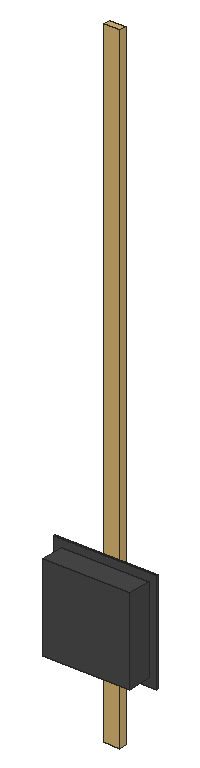
Revit family "3-51-xxxx - Zora Sconce", category Lighting Fixtures, host Wall, Revit 2018
Family settings
  Host = Wall
  Round Connector Dimension = Use Diameter
  Part Type = Normal
  OmniClass Number = 23.80.70.00
  OmniClass Title = Lighting
  Always vertical = Yes
  Cut with Voids When Loaded = No
  Light Source = Yes
  Shared = No
  Room Calculation Point = No
Parameters (values of type "3-51-1550 / Black - Indrustrial Brass")
  Wattage Comments = "1 x 18w at 120"  # constant formula
  Wattage = 9.2903 W
  built-in parameter 1150110 = 1 (stored number, unit not read)
  Voltage Input = "120 V or 277 V - 50/60 Hz"  # constant formula
  Voltage = 120 V
  URL = "www.oxygenlighting.com"
  built-in parameter 1114217 = 1 (stored number, unit not read)
  built-in parameter 1150109 = 1 (stored number, unit not read)
  built-in parameter 1150134 = (empty or 0)
  built-in parameter 1150113 = 1 (stored number, unit not read)
  References = "Ref. 3 = 120 V / Ref. 37 = 277 V"  # constant formula
  Model = "3-51-xxxx / Zora Sconce"  # constant formula
  Metal Finish 2 = 15 - Black
  Metal Finish 1 = 50 - Industrial Brass
  Manufacturer = "Oxygen - Lighting & Fans"  # constant formula
  Lumens = 1380 lm
  built-in parameter 1150115 = 1 (stored number, unit not read)
  built-in parameter 1150105 = 109.82 (stored number, unit not read)
  Light Source Symbol Size = 2 ft
  built-in parameter 1150137 = (empty or 0)
  built-in parameter 1150139 = (empty or 0)
  built-in parameter 1150112 = 1 (stored number, unit not read)
  built-in parameter 1150114 = 1 (stored number, unit not read)
  Lamp = "LED Array"  # constant formula
  built-in parameter 1150132 = 2
  built-in parameter 1150102 = (empty or 0)
  built-in parameter 1150138 = (empty or 0)
  built-in parameter 1150107 = 3000 (stored number, unit not read)
  built-in parameter 1150106 = 1.0982 (stored number, unit not read)
  built-in parameter 1150104 = 13.8 (stored number, unit not read)
  Dimming Lamp Color Temperature Shift = <None>
  Color Filter = 16777215
  built-in parameter 1114218 = 1 (stored number, unit not read)
  built-in parameter 1150133 = 10 (stored number, unit not read)
Types (2, lengths in ft): name | Metal Finish 2
  3-51-650 / White - Indrustrial Brass | 6 - White
  3-51-1550 / Black - Indrustrial Brass | 15 - Black
Reference planes (ft)
  plane 1: y = 0
  plane 2 "Light Source Axis (L/R)": x = 0.410105
  plane 3 "Light Source Axis (F/R)": y = 0.492126
  plane 4 "Light Source Elevation": z = 5.905512
  plane 5: y = 0.246063
  plane 6: y = 0.393391
Forms (ft)
  Extrusion 1, solid, material "15 - Black" <- "Metal Finish 2"
    sketch origin (0, 0.492126, 0) x (1, 0, 0) y (0, 0, 1)
      loop
        line (0.62336, 6.118766) -> (0.19685, 6.118766) -> (0.19685, 5.692257) -> (0.62336, 5.692257) -> (0.62336, 6.118766)
    from 0.141386 to 0.147821
  Extrusion 2, solid, material "15 - Black" <- "Metal Finish 2"
    sketch origin (0, 0.492126, 0) x (1, 0, 0) y (0, 0, 1)
      loop
        line (0.590551, 6.085958) -> (0.229659, 6.085958) -> (0.229659, 5.725066) -> (0.590551, 5.725066) -> (0.590551, 6.085958)
    from 0.147821 to 0.246063
  Revolve 3, solid, material "50 - Industrial Brass" <- "Metal Finish 1"
    sketch origin (0, 0, 5.905512) x (1, 0, 0) y (0, 1, 0)
      loop
        line (0.492126, 0.42948) -> (0.410105, 0.42948) -> (0.410105, 0.35074) -> (0.470486, 0.35074) -> (0.470486, 0.357301) -> (0.492126, 0.357301) -> (0.492126, 0.42948)
      axis (0.410105, 0.42948) -> (0.410105, 0.35074)
    angle from 0 to 360
  Extrusion 4, solid, material "50 - Industrial Brass" <- "Metal Finish 1"
    sketch origin (6.315617, 0, 5.915354) x (0, 1, 0) y (-1, 0, 0)
      loop
        line (0.409716, 5.938121) -> (0.377066, 5.938121) -> (0.377066, 5.872903) -> (0.409716, 5.872903) -> (0.409716, 5.938121)
    from -0.518373 to 2.160333
  Extrusion 5, void
    sketch origin (6.157332, 0.503465, 5.905512) x (0, 1, 0) y (-1, 0, 0)
      loop
        line (-0.1264, 5.779835) -> (-0.1264, 5.714618) -> (-0.09375, 5.714618) -> (-0.09375, 5.779835) -> (-0.1264, 5.779835)
    from -0.180446 to 0.180446
Cuts and joins
  Extrusion 5 cuts Revolve 3
Text (ft)
  text "Placement side" at (-5.863317, 3.663974, 0), in view "Ref. Level"
  text "Placement side" at (0, 6.92387, 9.796778), in view "Left"
  text "Placement side" at (0, 2.061937, 9.881781), in view "Right"
Dimensions and locks (ft)
  equal spacing: Extrusion 1 sketch curve, plane 4 "Light Source Elevation", Extrusion 1 sketch curve
  locked: Extrusion 1 sketch curve to Extrusion 1 sketch curve at 0.426509  (x2)
  equal spacing: Extrusion 1 sketch curve, plane 2 "Light Source Axis (L/R)", Extrusion 1 sketch curve
  equal spacing: Extrusion 2 sketch curve, plane 2 "Light Source Axis (L/R)", Extrusion 2 sketch curve
  locked: Extrusion 2 sketch curve to Extrusion 2 sketch curve at 0.360892  (x2)
  equal spacing: Extrusion 2 sketch curve, plane 4 "Light Source Elevation", Extrusion 2 sketch curve
  locked: plane 5 to Extrusion 2 at 0.098242
  locked: Extrusion 1 to Extrusion 1 at 0.006434
  locked: Revolve 3 sketch curve to Extrusion 1 at 0.006562
  locked: Revolve 3 sketch curve to Revolve 3 sketch curve at 0.072178
  locked: Revolve 3 sketch curve to Revolve 3 sketch curve at 0.082021
  locked: Revolve 3 to plane 6 at 0.036089
  Extrusion 4 to plane 4 "Light Source Elevation" to Extrusion 4 = 0.50853 ft locked, 2.170176 ft locked
  equal spacing: Extrusion 4 sketch curve, plane 6, Extrusion 4 sketch curve
  Extrusion 4 sketch curve to Extrusion 4 sketch curve = 0.03265 ft
  equal spacing: Extrusion 4 sketch curve, plane 2 "Light Source Axis (L/R)", Extrusion 4 sketch curve
  locked: Extrusion 4 sketch curve to Extrusion 4 sketch curve at 0.065218
  Extrusion 4 to Extrusion 4 = 2.678706 ft
  aligned and locked: plane 1 to host wall
  aligned and locked: plane 2 "Light Source Axis (L/R)" to imposter light
  aligned and locked: plane 3 "Light Source Axis (F/R)" to imposter light
  aligned and locked: plane 4 "Light Source Elevation" to imposter light
  aligned and locked: plane 5 to host wall
  aligned and locked: plane 5 to Extrusion 2
  aligned and locked: Extrusion 1 to Extrusion 2
  aligned and locked: Extrusion 5 sketch curve to Extrusion 4  (x4)
Connectors (ft)
  electrical at (0.410105, 0.246063, 5.905512), driven by "Voltage"
    settings: on Extrusion 2, index 1, voltage 120 V, apparent load 0 VA, apparent load phase1 0 VA, apparent load phase2 0 VA, apparent load phase3 0 VA, power factor 1, load classification "Other", number of poles 1, system type 31, power factor state 1, is connector primary yes, connector utility no, sub classification motor no, connector description ""
